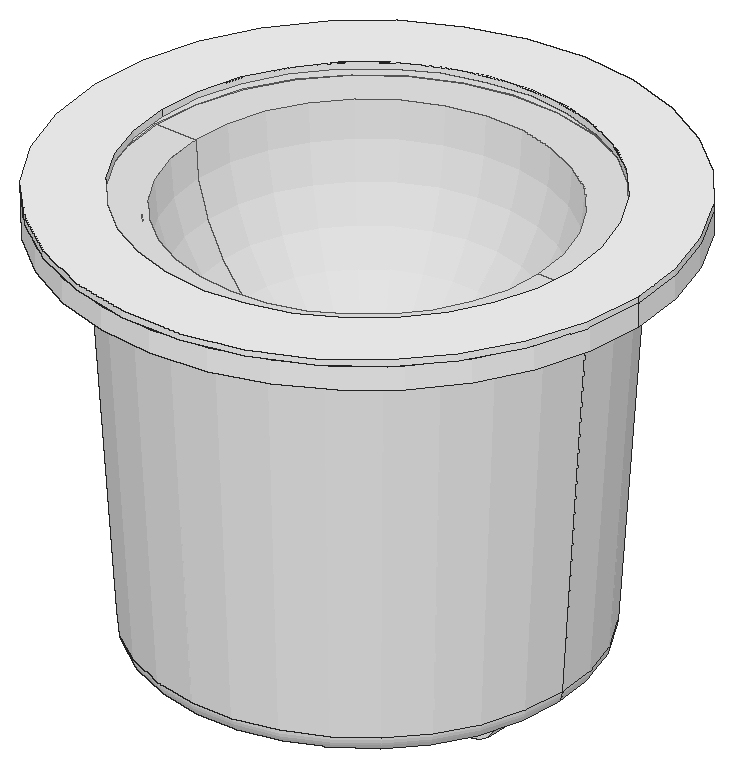
Revit family "2058952", category Lighting Fixtures, host Face, Revit 2018
Family settings
  Host = Face
  Round Connector Dimension = Use Diameter
  Part Type = Normal
  OmniClass Number = 23.80.70.11.17
  OmniClass Title = Specialized Lighting by Location or Use
  Cut with Voids When Loaded = No
  Light Source = Yes
  Shared = No
  Room Calculation Point = No
Parameters (values of type "2058952 MYRIAD DECO IP65 SP 2.7K PHD BK CBEZ")
  Weight = "n/a"
  Wattage = 15 W
  WarrantyStartDate [instance] = "n/a"
  WarrantyGuarantorParts = "n/a"
  WarrantyDurationUnit = "n/a"
  WarrantyDurationParts = ""
  WarrantyDescription = "http://www.sylvania-lighting.com"
  built-in parameter 1150110 = 1 (stored number, unit not read)
  Voltage = 230 V
  URL = "0"
  TypeName = "MYRIAD DECO IP65 SPOT 2700K PHDM BLACK CBEZ"
  Type Image = 0
  Type Comments = ""
  built-in parameter 1114217 = 1 (stored number, unit not read)
  Tilt Angle = -90°
  built-in parameter 1150109 = 1 (stored number, unit not read)
  built-in parameter 1150134 = (empty or 0)
  built-in parameter 1150113 = 1 (stored number, unit not read)
  SerialNumber [instance] = "n/a"
  Reflector Radius = Cutout Diameter / 2 - 2.5 mm  # 35.0 mm
  Reflector Material = Aluminum_Sylvania_Myriad_Bright
  Recessed Depth = Height  # 72.0 mm
  PowerFactor = 0
  PowerConsumption = "Lighting"
  Photometric Web File = "2058952.ies"
  NominalWidth = 0.0 mm
  NominalLength = 76.0 mm
  NominalHeight = 72.0 mm
  Name = "MYRIAD DECO IP65 SPOT 2700K PHDM BLACK CBEZ"
  ModelReference = "MYRIAD DECO IP65 SPOT 2700K PHDM BLACK CBEZ"
  ModelNumber = "2058952"
  Material = "Feilo Sylvania"
  ManufacturerName = "124 lm/W"
  LuminousEfficacy = ""
  LuminaireType = "0"
  LightOutputRatio = "LED"
  LampsType = Lamp  # "n/a"
  LampNominalLuminous = "2700 K"
  LampMacAdamStep = "85"
  LampColourTemperature = "LED"
  LampColourRenderingIndex = "16500"
  Keynote = "n/a"
  Keynote_2 = "16500"
  InstallationDate [instance] = "n/a"
  InputVoltage = "0"
  InputNominalFrequency = "2700"
  IngressProtection = "IfcLightFixtureType"
  ImpactProtectionIndex = "IfcLightFixtureType"
  IfcExportType = "IfcLightFixtureType"
  IfcExportAs = "Class II"
  Height = 72.0 mm  # constant formula
  ExpectedLife = 50000
  Emit from Circle Diameter = Accessory Inner Diameter 2  # 68.0 mm
  Emit Shape Visible in Rendering = no
  ElectricShockClassification = "124"
  DurationUnit = "hours"
  DocumentationLiterature = "http://www.sylvania-lighting.com/product/en-int/products/2058952"
  DimmingControlOptions = "n/a"
  Diffuser Material = Glass_Sylvania_Myriad_Clear_4000K
  Diffuser Diameter = Cutout Diameter  # 75.0 mm
  Cutout Diameter = 75.0 mm  # constant formula
  CreatedOn = "03/02/2022"
  CreatedBy = "@sylvania-lighting.com"
  Cost = 0
  built-in parameter 1114216 [instance] = 1 (stored number, unit not read)
  Model = "MYRIAD DECO IP65 SPOT 2700K PHDM BLACK CBEZ"
  Manufacturer = "Feilo Sylvania"  # constant formula
  built-in parameter 1150105 = 83.556 (stored number, unit not read)
  Lumens = 1050 lm
  built-in parameter 1150115 = 1 (stored number, unit not read)
  built-in parameter 1150137 = (empty or 0)
  built-in parameter 1150139 = (empty or 0)
  built-in parameter 1150112 = 1 (stored number, unit not read)
  built-in parameter 1150114 = 1 (stored number, unit not read)
  Lamp = "n/a"
  built-in parameter 1150132 = (empty or 0)
  built-in parameter 1150102 = (empty or 0)
  built-in parameter 1150107 = 2700 (stored number, unit not read)
  built-in parameter 1150138 = (empty or 0)
  built-in parameter 1150106 = 0.83556 (stored number, unit not read)
  built-in parameter 1150104 = 6.5032 (stored number, unit not read)
  Dimming Lamp Color Temperature Shift = <None>
  Description = "Supplied complete with electronic control gear Compact Fluorescent low energy downlight Emergency version passes through the cut out Ideal for low level orientation lighting New range of Architectural accessories each providing a different lit dimension New completely flush plaster up accessory ring for clean ceiling lines and smooth finish Order lamp separately"  # constant formula
  Default Elevation = 0.0 mm
  Color Filter = 16777215
  built-in parameter 1140040 [instance] = 1
  Body Radius = Reflector Radius + 1.5 mm  # 36.5 mm
  Body Material = Aluminum_Sylvania_Myriad_Gray
  BarCode [instance] = "n/a"
  built-in parameter 1114218 = 1 (stored number, unit not read)
  built-in parameter 1150133 = 10 (stored number, unit not read)
  AssetType = "Fixed"
  AssetIdentifier [instance] = "n/a"
  Assembly Code = "D5020200"
  Apparent Load = 10 VA
  Accessory Material = Aluminum_Sylvania_Myriad_White
  Accessory Inner Diameter 2 = Accessory Diameter - 22.0 mm  # 68.0 mm
  Accessory Inner Diameter 1 = Accessory Diameter - 2.0 mm  # 88.0 mm
  Accessory Diameter = Cutout Diameter + 15.0 mm  # 90.0 mm
Reference planes
  plane 1 "Center (Front/Back)": y = 0
  plane 2: z = 0
  plane 3 "Center (Left/Right)": x = 0
  plane 4: z = 2
  plane 5 "Fixture Bottom": z = 4.5
  plane 6: z = -28.5
  plane 7: z = -61.5
  plane 8 "Fixture Top": z = -67.5
  plane 9: z = 3.5
Forms (mm)
  Revolve 1, solid, material "Aluminum_Sylvania_Myriad_Bright" <- "Reflector Material", detail levels fine
    sketch origin (0, 0, 0) x (1, 0, 0) y (0, 0, 1)
      loop
        line (0, -27.515) -> (-6, -27.515)
        arc (-6, -27.515) -> (-22.333, -16.632) -> (-28.5, 2) r 30.135
        line (-28.5, 2) -> (-35, 2) -> (-35, 0) -> (-29.184, 0)
        arc (-29.184, 0) -> (-22.423, -18.18) -> (-6, -28.5) r 30.204
        line (-6, -28.5) -> (0, -28.5) -> (0, -27.515)
      axis (0, -28.5) -> (0, 2)
    angle from 0 to 360
  Revolve 2, solid, material "Aluminum_Sylvania_Myriad_Gray" <- "Body Material", detail levels fine
    sketch origin (0, 0, 0) x (1, 0, 0) y (0, 0, 1)
      loop
        line (-44, 2) -> (-44, 0) -> (-36.5, 0) -> (-32.42, -58.708)
        arc (-32.42, -58.708) -> (-31.474, -60.694) -> (-29.428, -61.5) r 3
        line (-29.428, -61.5) -> (0, -61.5) -> (0, -28.5) -> (-6, -28.5)
        arc (-6, -28.5) -> (-22.423, -18.18) -> (-29.184, 0) r 30.204
        line (-29.184, 0) -> (-35, 0) -> (-35, 2) -> (-44, 2)
      axis (0, 2) -> (0, -61.5)
    angle from 0 to 360
  Extrusion 3, solid, material "Aluminum_Sylvania_Myriad_Gray" <- "Body Material", detail levels fine
    sketch origin (0, 0, 0) x (1, 0, 0) y (0, 0, 1)
      loop
        line (-13.5, -67.5) -> (21, -67.5)
        arc (21, -67.5) -> (23.828, -66.328) -> (25, -63.5) r 4
        line (25, -63.5) -> (25, -61.5) -> (-17.5, -61.5) -> (-17.5, -63.5)
        arc (-17.5, -63.5) -> (-16.328, -66.328) -> (-13.5, -67.5) r 4
    from -4.5 to 4.5
  Extrusion 4, solid, material "Aluminum_Sylvania_Myriad_White" <- "Accessory Material", detail levels fine
    sketch origin (0, 0, 0) x (1, 0, 0) y (0, 1, 0)
      loop
        circle (0, 0) r 45
      loop
        circle (0, 0) r 44
    from 0 to 3.5
  Extrusion 5, solid, material "Aluminum_Sylvania_Myriad_White" <- "Accessory Material", detail levels fine
    sketch origin (0, 0, 0) x (1, 0, 0) y (0, 1, 0)
      loop
        circle (0, 0) r 45
      loop
        circle (0, 0) r 34
    from 3.5 to 4.5
  Extrusion 6, solid, material "Aluminum_Sylvania_Myriad_White" <- "Accessory Material", detail levels coarse+medium
    sketch origin (0, 0, 0) x (1, 0, 0) y (0, 1, 0)
      loop
        circle (0, 0) r 45
    from 0 to 4.5
  Revolve 7, solid, detail levels coarse+medium
    sketch origin (0, 0, 0) x (1, 0, 0) y (0, 0, 1)
      loop
        line (36.5, 0) -> (0, 0) -> (0, -61.5) -> (32.226, -61.5) -> (36.5, 0)
      axis (0, 0) -> (0, -61.5)
    angle from 0 to 360
  Extrusion 8, void
    sketch origin (0, 0, 0) x (1, 0, 0) y (0, 1, 0)
      loop
        circle (0, 0) r 37.5
    from -67.5 to 0
  Extrusion 9, solid, material "Glass_Sylvania_Myriad_Clear_4000K" <- "Diffuser Material", detail levels fine
    sketch origin (0, 0, 0) x (1, 0, 0) y (0, 1, 0)
      loop
        circle (0, 0) r 37.5
    from 2 to 3.5
Cuts and joins
  joined: Extrusion 4, Extrusion 5
Lines and regions (mm)
  Masking region 1
    outline origin (0, 0, 0) x (1, 0, 0) y (0, 1, 0)
      loop
        circle (0, 0) r 45
  symbolic lines
    curve 1: arc (-34, 0, 0) -> (0, 34, 0) -> (34, 0, 0) r 34
    curve 2: arc (34, 0, 0) -> (0, -34, 0) -> (-34, 0, 0) r 34
Dimensions and locks
  locked: plane 7 to plane 8 "Fixture Top" at 6
  "Body Radius": Revolve 7 sketch curve to plane 3 "Center (Left/Right)"
  locked: Revolve 7 sketch curve to Revolve 7 sketch curve at 4.274
  plane 5 "Fixture Bottom" to plane 9 to plane 4 to plane 2 to plane 6 = 1.0 mm locked, 1.5 mm locked, 2.0 mm locked, 28.5 mm locked
  "Reflector Radius": Revolve 1 sketch curve to plane 3 "Center (Left/Right)"
  Revolve 1 sketch curve to Revolve 1 sketch curve to Revolve 1 sketch curve to Revolve 1 sketch curve = 6.5 mm locked, 22.5 mm locked, 0.0 mm locked
  "Reflector Radius": plane 3 "Center (Left/Right)" to Revolve 2 sketch curve
  Revolve 2 sketch curve to Revolve 2 sketch curve to Revolve 2 sketch curve = 7.5 mm locked, 1.5 mm locked
  Revolve 2 sketch curve to Revolve 2 sketch curve to Revolve 2 sketch curve = 5.816 mm locked, 23.184 mm locked
  Revolve 2 sketch curve to Revolve 2 sketch curve to Revolve 2 sketch curve = 2.58 mm locked, 2.993 mm locked
  "Accessory Diameter": diameter of Extrusion 4 sketch curve
  "Accessory Inner Diameter 1": diameter of Extrusion 4 sketch curve
  "Accessory Diameter": diameter of Extrusion 5 sketch curve
  "Accessory Diameter": diameter of Extrusion 6 sketch curve
  "Cutout Diameter": diameter of Extrusion 8 sketch curve
  "Accessory Inner Diameter 2": diameter of Extrusion 5 sketch curve
  "Diffuser Diameter": diameter of Extrusion 9 sketch curve
  aligned and locked: plane 2 to host face
  aligned and locked: level to host face
  aligned and locked: plane 1 "Center (Front/Back)" to imposter light
  aligned and locked: plane 3 "Center (Left/Right)" to imposter light
  aligned and locked: Revolve 1 sketch curve to imposter light
  aligned and locked: Extrusion 3 sketch curve to plane 8 "Fixture Top"
  aligned and locked: plane 7 to Extrusion 3 sketch curve
  aligned and locked: Extrusion 4 to plane 2
  aligned and locked: plane 9 to Extrusion 4
  aligned and locked: Extrusion 5 to plane 9
  aligned and locked: plane 5 "Fixture Bottom" to Extrusion 5
  aligned and locked: Extrusion 6 to plane 2
  aligned and locked: plane 5 "Fixture Bottom" to Extrusion 6
  aligned and locked: Extrusion 8 to plane 8 "Fixture Top"
  aligned and locked: plane 2 to Extrusion 8
  aligned and locked: Masking region 1 sketch curve to Extrusion 6  (x2)
  aligned and locked: Extrusion 9 to plane 4
  aligned and locked: plane 9 to Extrusion 9
  aligned and locked: plane 4 to Revolve 2 sketch curve
  aligned and locked: Revolve 2 sketch curve to plane 2
  aligned and locked: curve 1 to cut or joined group of Extrusion 4, Extrusion 5
  aligned and locked: curve 2 to cut or joined group of Extrusion 4, Extrusion 5
  aligned and locked: imposter light to plane 5 "Fixture Bottom"
Automatic sketch dimensions
  host sketch curve to host sketch curve = 1305.563 mm
  host sketch curve to host sketch curve = 1283.632 mm
  Extrusion 3 sketch curve to plane 7 = 2.0 mm
  Extrusion 3 sketch curve to plane 3 "Center (Left/Right)" = 13.5 mm
  plane 3 "Center (Left/Right)" to Extrusion 3 sketch curve = 21.0 mm
  Extrusion 3 sketch curve to Extrusion 3 sketch curve = 4.0 mm
  Revolve 1 sketch curve to level = 0.0 mm
  Revolve 1 sketch curve to plane 3 "Center (Left/Right)" = 0.0 mm
  Revolve 1 sketch curve to plane 6 = 0.0 mm
  Revolve 1 sketch curve to plane 4 = 0.0 mm
  Revolve 1 sketch curve to Revolve 1 sketch curve = 0.684 mm
  level to Revolve 1 sketch curve = 0.88 mm
  Revolve 1 sketch curve to plane 4 = 0.363 mm
  Revolve 1 sketch curve to Revolve 1 sketch curve = 0.625 mm
  Revolve 1 sketch curve to plane 8 "Fixture Top" = 232.8 mm
  plane 5 "Fixture Bottom" to Revolve 1 sketch curve = 291.243 mm
  Revolve 2 sketch curve to plane 3 "Center (Left/Right)" = 0.0 mm  (x2)
  Revolve 2 sketch curve to plane 7 = 0.0 mm
  Revolve 2 sketch curve to plane 6 = 0.0 mm
  Revolve 2 sketch curve to level = 0.0 mm
  level to Revolve 2 sketch curve = 0.88 mm
  plane 7 to Revolve 2 sketch curve = 2.792 mm
  Revolve 2 sketch curve to plane 8 "Fixture Top" = 304.774 mm
  plane 5 "Fixture Bottom" to Revolve 2 sketch curve = 1137.105 mm
  Extrusion 4 sketch curve to Extrusion 4 sketch curve = 0.0 mm  (x2)
  plane 1 "Center (Front/Back)" to Extrusion 4 sketch curve = 0.0 mm
  Extrusion 4 sketch curve to plane 3 "Center (Left/Right)" = 0.0 mm
  Extrusion 5 sketch curve to Extrusion 5 sketch curve = 0.0 mm  (x2)
  plane 1 "Center (Front/Back)" to Extrusion 5 sketch curve = 0.0 mm
  Extrusion 5 sketch curve to plane 3 "Center (Left/Right)" = 0.0 mm
  plane 1 "Center (Front/Back)" to Extrusion 6 sketch curve = 0.0 mm
  Extrusion 6 sketch curve to plane 3 "Center (Left/Right)" = 0.0 mm
  Revolve 7 sketch curve to level = 0.0 mm
  Revolve 7 sketch curve to plane 3 "Center (Left/Right)" = 0.0 mm  (x2)
  Revolve 7 sketch curve to plane 7 = 0.0 mm
  Revolve 7 sketch curve to plane 8 "Fixture Top" = 304.774 mm
  plane 5 "Fixture Bottom" to Revolve 7 sketch curve = 43.226 mm
  plane 1 "Center (Front/Back)" to Extrusion 8 sketch curve = 0.0 mm
  Extrusion 8 sketch curve to plane 3 "Center (Left/Right)" = 0.0 mm
  plane 1 "Center (Front/Back)" to Extrusion 9 sketch curve = 0.0 mm
  Extrusion 9 sketch curve to plane 3 "Center (Left/Right)" = 0.0 mm
Connectors
  electrical at (-0.006, -0.019, -67.5), driven by "Apparent Load", driven by "Apparent Load"
    settings: on plane 8 "Fixture Top", index 1, voltage 230 V, apparent load 10 VA, apparent load phase1 10 VA, apparent load phase2 0 VA, apparent load phase3 0 VA, power factor 1, load classification "Lighting", number of poles 1, system type 30, power factor state 1, is connector primary yes, connector utility no, sub classification motor no, connector description ""
